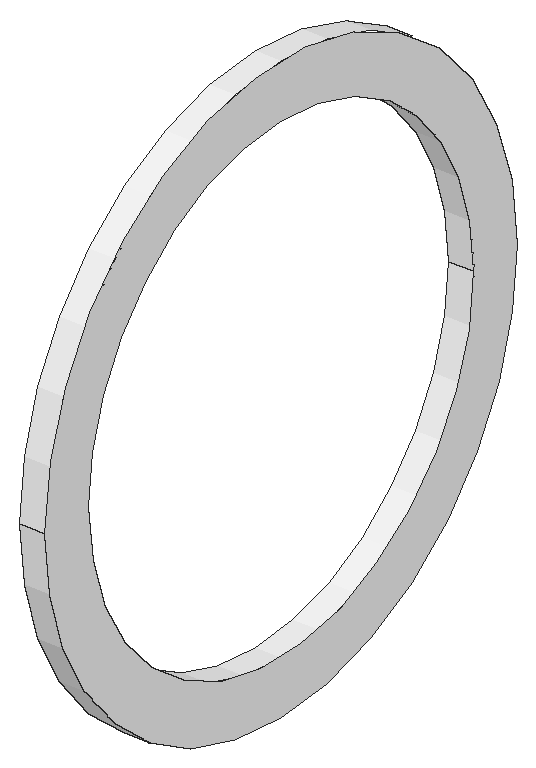
Revit family "ADAPTADOR HEMBRA CON INSERTO METALICO 1-2 DZR", category Pipe Accessories, Revit 2020
Family settings
  Round Connector Dimension = Use Diameter
  Part Type = Attaches To
  Work Plane-Based = No
  Always vertical = Yes
  Cut with Voids When Loaded = No
  Shared = No
Parameters (values of type "ADAPTADOR HEMBRA")
  URL = "https://pcpplasticos.co/tienda/adaptadores-en-pvc-con-inserto-metalico/"
  Type Image = <None>
  SKU = "3390"
  Model = SKU  # "3390"
  Manufacturer = "PCP PLASTICOS"
  Imagen = "https://pcpplasticos.co/wp-content/uploads/2018/01/ADAPTADOR-MACHO-CON-INSERTO-METALICO-DE-MEDIA.Final-Color-Output-e1531854919863.png"
  Email = "servicioalcliente@PCPplasticos.com"
  Description = "ADAPTADOR HEMBRA EN PVC CON INSERTO METÁLICO"
  Default Elevation = 0 mm
Reference planes
  plane 1 "Center (Front/Back)": y = 0
  plane 2: z = 0
  plane 3 "Center (Left/Right)": x = 0
Forms (mm)
  Extrusion 1, solid, material "255_255_255"
    sketch origin (0, 0, 0) x (0, 1, 0) y (0, 0, 1)
      loop
        circle (0, 0) r 13.986
      loop
        circle (0, 0) r 11.434
    from 18.7 to 19.9
Dimensions and locks
  aligned and locked: level to plane 2
Connectors
  piping at (-20.1, 0, 0), diameter 12.7
    settings: on import instance, index 1, connector inside diameter 609.6 mm, connector length 0 mm, flow factor 0, pipe flow 0.0 L/s, pressure drop 0.0 Pa, fitting loss kfactor 0, connector angle 0.00°, fixture units 0, engagement length 0 mm, angle of deflection 0.00°, flow configuration 0, flow direction 0, fitting loss method 0, system type 7, joint type 0, gender type 0, connector reference index -1, connector utility 0, adjustable connector no, is connector primary yes, connector description ""
  piping at (19.9, 0, 0), diameter 12.7
    settings: on Extrusion 1, index 2, connector inside diameter 609.6 mm, connector length 0 mm, flow factor 0, pipe flow 0.0 L/s, pressure drop 0.0 Pa, fitting loss kfactor 0, connector angle 0.00°, fixture units 0, engagement length 0 mm, angle of deflection 0.00°, flow configuration 0, flow direction 0, fitting loss method 0, system type 7, joint type 0, gender type 0, connector reference index -1, connector utility 0, adjustable connector no, is connector primary no, connector description ""
